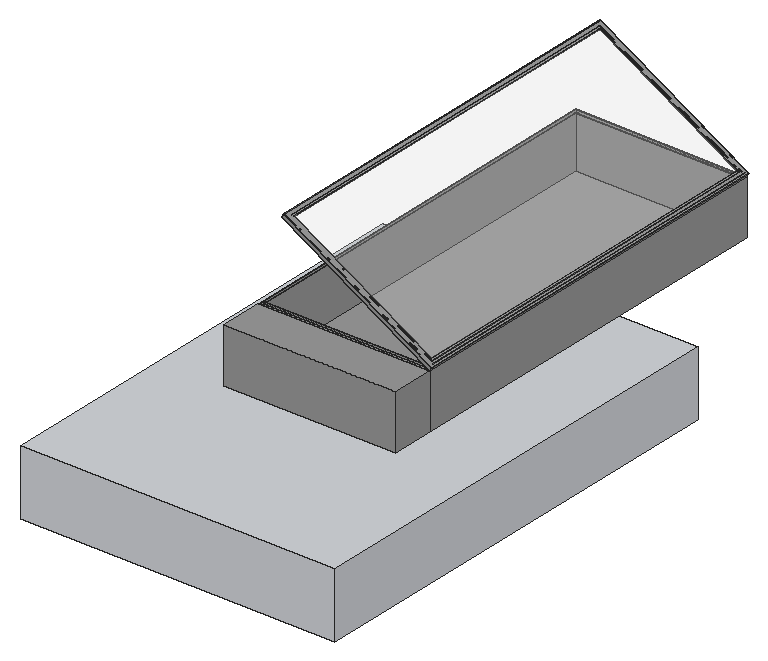
Revit family "Hager-Univers-IP55-D275-H2050-Cl.I-Steel_encl-AT-de", category Equipement électrique, Revit 2020
Family settings
  Hôte = Face
  Configuration du panneau = Deux colonnes, circuits au sein
  Cote de connecteur circulaire = Utiliser le diamètre
  Type d'élément = Tableau de raccordement
  Couper avec des vides une fois chargée = Non
  Partagée = Non
  Point de calcul de pièce = Non
Parameters (values of type "Bodenaufstellung IP55 B800 H2050 T275  - FR23K2")
  Width Control [instance] = if([EF000008 - Breite] > Min Width, [EF000008 - Breite], Min Width)  # 800 mm
  Commentaires du type = [HG000003 - Bereich]  # "Univers"
  Thickness Door [instance] = if([EF009171 - Materialstärke Tür/Deckel] > 3 mm, 3 mm, [EF009171 - Materialstärke Tür/Deckel])  # 1.5 mm
  Seal Frame Offset [instance] = 17 mm  # constant formula
  Plinth Visibility [instance] = [HG000027 - Sockelhöhe] > 0 mm  # yes
  Model = ""
  Min Width [instance] = 100 mm  # constant formula
  Min Height [instance] = 100 mm  # constant formula
  Min Depth [instance] = (2 * [EF009170 - Materialstärke Gehäuse]) + 1 mm  # 4 mm
  Internal Frame Depth [instance] = (Door System Depth * 0.5)  # 9 mm
  Height Control [instance] = if([EF000040 - Höhe] > Min Height, [EF000040 - Höhe], Min Height)  # 2050 mm
  HG000027 - Sockelhöhe = 200 mm
  HG000026 - Stehend auf dem Boden = yes
  HG000024 - Höhe des unteren Teils = 800 mm
  HG000023 - Gehäuse mit doppeltem Querschnitt = no
  HG000016 - 3D-Türsichtbarkeit [instance] = yes
  HG000015 - Sichtbarkeit der Türöffnung [instance] = no
  HG000014 - Tür rechts [instance] = yes
  HG000013 - Tür links [instance] = not([HG000014 - Tür rechts])  # no
  HG000012 - Türschwenkwinkel [instance] = 30.00°
  HG000010 - Asymmetrische Türen = no
  HG000009 - Doppelflügeligen Tür = no
  HG000006 - Unterputz = no
  HG000004 - Herstellerreferenz = "FR23K2"
  HG000003 - Bereich = "Univers"
  HG000002 - Mit tür = yes
  Frame Offset Bottom [instance] = 10 mm  # constant formula
  Frame Offset [instance] = 15 mm  # constant formula
  EF015940 - Deckel mit Überdruckentlastung = no
  EF011959 - Schutzart (NEMA) = ""
  EF009554 - Anzahl der Öffnungen für Flanschplatten = 6
  Fabricant = "Hager"  # constant formula
  EF009212 - Ausführung Deckel = "EV000116 - geschlossen"
  EF009171 - Materialstärke Tür/Deckel = 1.5 mm
  EF009170 - Materialstärke Gehäuse = 1.5 mm
  EF008873 - Nennstrom (In) = 800 A
  EF007800 - Geeignet für Blitzschutz = no
  EF006306 - Mit Schloss = no
  EF006244 - Transparenter Deckel/Tür = yes
  EF005474 - Schutzart (IP) = "EV006420 - IP55"
  EF004464 - Art der Tür = "EV002646 - Einzel"
  EF004427 - Anzahl der Module = 432
  EF004293 - Schlagfestigkeit = "EV008784 - IK10"
  EF003532 - Geeignet für Außengebrauch = no
  EF002950 - Breite in Teilungseinheiten = 24
  EF001613 - Funktionserhalt = "EV000494 - ohne"
  EF001596 - Werkstoff des Gehäuses = "EV000179 - Stahl"
  EF001131 - Innentiefe = 275 mm
  EF001088 - Anbaumöglichkeit = yes
  EF000437 - Anzahl der Leitungseinführungen = 6
  EF000339 - Art der Abdeckung = "EV004216 - Tür"
  EF000266 - Anzahl der Reihen = 12
  EF000218 - Einbautiefe = 0 mm
  EF000118 - Mit Montageplatte = no
  EF000116 - RAL-Nummer = "7035"
  EF000049 - Tiefe = 275 mm
  EF000040 - Höhe = 2050 mm
  EF000008 - Breite = 800 mm
  EF000007 - Farbe = "EV000270 - grau"
  EF000003 - Montageart = "EV012274 - Bodenaufstellung"
  Door System Leaf Tolerance [instance] = 1.5 mm  # constant formula
  Door System Depth [instance] = 18 mm  # constant formula
  Door Height [instance] = Height Control - [HG000027 - Sockelhöhe]  # 1850 mm
  Depth Control [instance] = if([EF000049 - Tiefe] > Min Depth, [EF000049 - Tiefe], Min Depth)  # 275 mm
  Default Elevation = 0 mm
  Connector Offset [instance] = Height Control / 2  # 1025 mm
  Bottom Top Plate Trim [instance] = 1.5 mm  # constant formula
  Plinth height Ctrl [instance] = if([HG000027 - Sockelhöhe] > 0 mm, [HG000027 - Sockelhöhe], 12 mm)  # 200 mm
Types (11, lengths in mm): name | Width Control | HG000010 - Asymmetrische Türen | HG000009 - Doppelflügeligen Tür | HG000004 - Herstellerreferenz | EF009554 - Anzahl der Öffnungen für Flanschplatten | EF006244 - Transparenter Deckel/Tür | EF004464 - Art der Tür | EF004427 - Anzahl der Module | EF000437 - Anzahl der Leitungseinführungen | EF000008 - Breite
  Bodenaufstellung IP55 B1050 H2050 T275  - FR24E2 | 1050 | yes | yes | "FR24E2" | 8 | no | "EV003602 - Doppel" | 576 | 8 | 1050
  Bodenaufstellung IP55 B1050 H2050 T275  - FR24K2 | 1050 | yes | yes | "FR24K2" | 8 | yes | "EV003602 - Doppel" | 576 | 8 | 1050
  Bodenaufstellung IP55 B1300 H2050 T275  - FR25E2 | 1300 | yes | yes | "FR25E2" | 10 | no | "EV003602 - Doppel" | 720 | 10 | 1300
  Bodenaufstellung IP55 B1300 H2050 T275  - FR25K2 | 1300 | yes | yes | "FR25K2" | 10 | yes | "EV003602 - Doppel" | 720 | 10 | 1300
  Bodenaufstellung IP55 B1550 H2050 T275  - FR26E2 | 1550 | yes | yes | "FR26E2" | 12 | no | "EV003602 - Doppel" | 864 | 12 | 1550
  Bodenaufstellung IP55 B1550 H2050 T275  - FR26K2 | 1550 | yes | yes | "FR26K2" | 12 | yes | "EV003602 - Doppel" | 864 | 12 | 1550
  Bodenaufstellung IP55 B300 H2050 T275  - FR21E2 | 300 | no | no | "FR21E2" | 2 | no | "EV002646 - Einzel" | 144 | 2 | 300
  Bodenaufstellung IP55 B550 H2050 T275  - FR22E2 | 550 | no | no | "FR22E2" | 4 | no | "EV002646 - Einzel" | 288 | 4 | 550
  Bodenaufstellung IP55 B550 H2050 T275  - FR22K2 | 550 | no | no | "FR22K2" | 4 | yes | "EV002646 - Einzel" | 288 | 4 | 550
  Bodenaufstellung IP55 B800 H2050 T275  - FR23E2 | 800 | no | no | "FR23E2" | 6 | no | "EV002646 - Einzel" | 432 | 6 | 800
  Bodenaufstellung IP55 B800 H2050 T275  - FR23K2 | 800 | no | no | "FR23K2" | 6 | yes | "EV002646 - Einzel" | 432 | 6 | 800
Reference planes
  plane 1 "Center (Front/Back)": y = 0
  plane 2: z = 0
  plane 3 "Center (Left/Right)": x = 0
  plane 4: z = 275
  plane 5: y = 201.5
  plane 6: y = 1125
  plane 7: y = 200
  plane 8: y = 2050
  plane 9: z = 0
  plane 10: x = -385
  plane 11: x = 385
  plane 12: x = 383.5
  plane 13: x = -383.5
  plane 14: y = 2048.5
  plane 15: x = -383
  plane 16: x = -400
  plane 17: x = 383
  plane 18: x = 400
  plane 19: x = 398.5
  plane 20: x = -398.5
  plane 21: y = 211.5
  plane 22: y = 2050
  plane 23: y = 2033.5
  plane 24: z = 257
  plane 25: z = 1.5
  plane 26: z = 255.5
  plane 27: z = 273.5
Forms (mm)
  Extrusion 1, solid
    sketch origin (0, 0, 0) x (1, 0, 0) y (0, 1, 0)
      loop
        line (-702.964, 1305) -> (-702.964, -811.445) -> (766.763, -811.445) -> (766.763, 1305) -> (-702.964, 1305)
    from 0 to -304.8
  Extrusion 2, solid, material "Hager_Steel_RAL7035_Light_Grey", visible <- "Plinth Visibility", detail levels medium+fine
    sketch origin (0, 0, 0) x (1, 0, 0) y (0, 1, 0)
      loop
        line (-400, 0) -> (400, 0) -> (400, 200) -> (-400, 200) -> (-400, 0)
    from 0 to 257
  Extrusion 3, solid, material "Hager_Steel_RAL7035_Light_Grey", detail levels medium+fine
    sketch origin (0, 0, 0) x (1, 0, 0) y (0, 1, 0)
      loop
        line (-400, 200) -> (400, 200) -> (400, 2050) -> (-400, 2050) -> (-400, 200)
    from 0 to 257
  Extrusion 4, void
    sketch origin (0, 0, 0) x (1, 0, 0) y (0, 1, 0)
      loop
        line (-398.5, 201.5) -> (398.5, 201.5) -> (398.5, 2048.5) -> (-398.5, 2048.5) -> (-398.5, 201.5)
    from 1.5 to 255.5
  Extrusion 5, void
    sketch origin (-381.607, -4572, 257) x (0, -1, 0) y (-1, 0, 0)
      loop
        line (-4783.5, 1.893) -> (-6605.5, 1.893) -> (-6605.5, -765.107) -> (-4783.5, -765.107) -> (-4783.5, 1.893)
    from 0 to 1.5 <- "EF009170 - Materialstärke Gehäuse"
  Extrusion 6, solid, material "Hager_Steel_RAL7035_Light_Grey", detail levels fine
    sketch origin (0, 0, 257) x (1, 0, 0) y (0, 1, 0)
      loop
        line (-383.5, 2033.5) -> (-383.5, 211.5) -> (383.5, 211.5) -> (383.5, 2033.5) -> (-383.5, 2033.5)
      loop
        line (-385, 210) -> (385, 210) -> (385, 2035) -> (-385, 2035) -> (-385, 210)
    from 0 to 9 <- "Internal Frame Depth"
  Extrusion 7, solid, material "Hager_Steel_RAL7035_Light_Grey", detail levels coarse
    sketch origin (0, 0, 0) x (1, 0, 0) y (0, 1, 0)
      loop
        line (-400, 0) -> (400, 0) -> (400, 2050) -> (-400, 2050) -> (-400, 0)
    from 0 to 275
  Sweep 8, void
    path in 3D
      loop
        line (-400, 200, 0) -> (400, 200, 0) -> (400, 200, 257) -> (-400, 200, 257) -> (-400, 200, 0)
    profile origin (-400, 200, 128.5) x (-1, 0, 0) y (0, -1, 0)
      loop
        line (0, 0) -> (0, 1.5) -> (-1.5, 1.5)
        arc (-1.5, 1.5) -> (-1.061, 0.439) -> (0, 0) r 1.5
Cuts and joins
  Extrusion 4, Extrusion 5 cuts Extrusion 3
  Sweep 8 cuts Extrusion 2
Lines and regions (mm)
  Masking region 1
    outline origin (0, 0, 0) x (1, 0, 0) y (0, 0, 1)
      loop
        line (-400, 275) -> (-400, 0) -> (400, 0) -> (400, 275) -> (-400, 275)
  Masking region 2, detail levels medium+fine
    outline origin (0, 140, 0) x (0, 1, 0) y (0, 0, 1)
      loop
        line (60, 0) -> (1910, 0) -> (1910, 257) -> (60, 257) -> (60, 0)
  Masking region 3, not visible, detail levels medium+fine
    outline origin (0, 297.922, 0) x (0, 1, 0) y (0, 0, 1)
      loop
        line (838.578, 0) -> (878.578, 0) -> (878.578, 263.5)
        arc (878.578, 263.5) -> (875.649, 270.571) -> (868.578, 273.5) r 10
        line (868.578, 273.5) -> (838.578, 273.5) -> (838.578, 0)
  Masking region 4, detail levels coarse
    outline origin (0, 0, 180) x (0, 1, 0) y (0, 0, 1)
      loop
        line (0, -180) -> (2050, -180) -> (2050, 95) -> (0, 95) -> (0, -180)
  Masking region 5, visible <- "Plinth Visibility", detail levels medium+fine
    outline origin (0, 52.24, 12.345) x (0, 0, -1) y (0, 1, 0)
      loop
        line (10.845, 147.76) -> (-243.155, 147.76)
        arc (-243.155, 147.76) -> (-243.594, 146.699) -> (-244.655, 146.26) r 1.5
        line (-244.655, 146.26) -> (-244.655, -52.24) -> (12.345, -52.24) -> (12.345, 146.26)
        arc (12.345, 146.26) -> (11.285, 146.699) -> (10.845, 147.76) r 1.5
  Masking region 6, detail levels medium+fine
    outline origin (-381.607, -4572, 257) x (-1, 0, 0) y (0, -1, 0)
      loop
        line (18.393, -6622) -> (18.393, -4772) -> (-781.607, -4772) -> (-781.607, -6622) -> (18.393, -6622)
  Masking region 7, visible <- "Plinth Visibility", detail levels medium+fine
    outline origin (-381.607, -4727, 257) x (-1, 0, 0) y (0, -1, 0)
      loop
        arc (16.893, -4927) -> (17.332, -4925.939) -> (18.393, -4925.5) r 1.5
        line (18.393, -4925.5) -> (18.393, -4727) -> (-781.607, -4727) -> (-781.607, -4925.5)
        arc (-781.607, -4925.5) -> (-780.546, -4925.939) -> (-780.107, -4927) r 1.5
        line (-780.107, -4927) -> (16.893, -4927)
  Masking region 8, detail levels coarse
    outline origin (-442.548, -4669.526, 257) x (-1, 0, 0) y (0, -1, 0)
      loop
        line (-42.548, -6719.526) -> (-42.548, -4669.526) -> (-842.548, -4669.526) -> (-842.548, -6719.526) -> (-42.548, -6719.526)
  sketch lines
    curve 1: line (-400, 200, 257) -> (-400, 200, 0)
    curve 2: line (400, 200, 257) -> (-400, 200, 257)
    curve 3: line (400, 200, 257) -> (400, 200, 0)
    curve 4: line (-400, 200, 0) -> (400, 200, 0)
Dimensions and locks
  "Depth Control": plane 4 to Extrusion 1
  "HG000027 - Sockelhöhe": plane 1 "Center (Front/Back)" to plane 7
  "EF009170 - Materialstärke Gehäuse": plane 5 to plane 7
  locked: connector elem to plane 3 "Center (Left/Right)"
  equal spacing: plane 8, plane 6, plane 7
  locked: connector elem to plane 6
  "EF009170 - Materialstärke Gehäuse": plane 8 to plane 14
  "EF009170 - Materialstärke Gehäuse": plane 10 to plane 13
  "EF009170 - Materialstärke Gehäuse": plane 12 to plane 11
  "Frame Offset": plane 20 to plane 13
  "Frame Offset": plane 12 to plane 19
  "EF009170 - Materialstärke Gehäuse": plane 16 to plane 20
  "EF009170 - Materialstärke Gehäuse": plane 19 to plane 18
  "Seal Frame Offset": plane 16 to plane 15
  "Seal Frame Offset": plane 17 to plane 18
  "Frame Offset Bottom": plane 21 to plane 5
  "Frame Offset": plane 14 to plane 23
  equal spacing: plane 16, plane 3 "Center (Left/Right)", plane 18
  "Width Control": plane 16 to plane 18
  "EF009170 - Materialstärke Gehäuse": plane 4 to plane 27
  "EF009170 - Materialstärke Gehäuse": plane 24 to plane 26
  "EF009170 - Materialstärke Gehäuse": plane 25 to level
  "Door System Depth": plane 4 to plane 24
  "Height Control": plane 1 "Center (Front/Back)" to Extrusion 7 sketch curve
  "Height Control": Masking region 4 sketch curve to plane 1 "Center (Front/Back)"
  "Height Control": plane 1 "Center (Front/Back)" to plane 22
  "Bottom Top Plate Trim": profile plane to Sweep 8 sketch curve
  "Bottom Top Plate Trim": Sweep 8 sketch curve to profile plane
  "Plinth height Ctrl": plane 1 "Center (Front/Back)" to Extrusion 2 sketch curve
  "Plinth height Ctrl": Masking region 5 sketch curve to plane 1 "Center (Front/Back)"
  "Plinth height Ctrl": plane 1 "Center (Front/Back)" to Masking region 7 sketch curve
  "Thickness Door": Extrusion 6 sketch curve to Extrusion 6 sketch curve  (x3)
  "Thickness Door": cut or joined group of Extrusion 3, Extrusion 4, Extrusion 5 to Extrusion 6 sketch curve
  radius of Masking region 3 sketch curve = 10 mm
  "Bottom Top Plate Trim": radius of Masking region 5 sketch curve  (x2)
  "Bottom Top Plate Trim": radius of Sweep 8 sketch curve
  "Bottom Top Plate Trim": radius of Masking region 7 sketch curve  (x2)
  aligned and locked: plane 2 to Extrusion 1
  aligned and locked: level to Extrusion 1
  aligned and locked: level to Masking region 1 sketch curve
  aligned and locked: Masking region 1 sketch curve to plane 18
  aligned and locked: Masking region 1 sketch curve to plane 16
  aligned and locked: plane 7 to Masking region 2 sketch curve
  aligned and locked: level to Masking region 3 sketch curve
  aligned and locked: Masking region 3 sketch curve to plane 27
  aligned and locked: level to Masking region 2 sketch curve
  aligned and locked: plane 1 "Center (Front/Back)" to Extrusion 2 sketch curve
  aligned and locked: Extrusion 3 sketch curve to plane 7
  aligned and locked: plane 16 to Extrusion 3 sketch curve
  aligned and locked: plane 18 to Extrusion 3 sketch curve
  aligned and locked: plane 20 to Extrusion 4 sketch curve
  aligned and locked: plane 19 to Extrusion 4 sketch curve
  aligned and locked: Extrusion 4 sketch curve to plane 5
  aligned and locked: Extrusion 4 to plane 25
  aligned and locked: plane 26 to Extrusion 4
  aligned and locked: plane 24 to Extrusion 3
  aligned and locked: Extrusion 5 sketch curve to plane 21
  aligned and locked: Extrusion 5 sketch curve to plane 13
  aligned and locked: Extrusion 5 sketch curve to plane 12
  aligned and locked: plane 18 to Extrusion 7 sketch curve
  aligned and locked: plane 1 "Center (Front/Back)" to Extrusion 7 sketch curve
  aligned and locked: plane 16 to Extrusion 7 sketch curve
  aligned and locked: plane 4 to Extrusion 7
  aligned and locked: Extrusion 7 to level
  aligned and locked: level to Masking region 4 sketch curve
  aligned and locked: Masking region 4 sketch curve to plane 1 "Center (Front/Back)"
  aligned and locked: Masking region 4 sketch curve to plane 4
  aligned and locked: nested 1 to level
  aligned and locked: nested 1 to plane 16
  aligned and locked: plane 8 to Extrusion 3 sketch curve
  aligned and locked: plane 23 to Extrusion 5 sketch curve
  aligned and locked: plane 14 to Extrusion 4 sketch curve
  aligned and locked: Masking region 2 sketch curve to plane 8
  aligned and locked: level to Masking region 5 sketch curve
  aligned and locked: plane 16 to Extrusion 2 sketch curve
  aligned and locked: plane 18 to Extrusion 2 sketch curve
  aligned and locked: Masking region 5 sketch curve to plane 24
  aligned and locked: Masking region 2 sketch curve to plane 24
  aligned and locked: plane 24 to Extrusion 2
  aligned and locked: profile plane to Sweep 8 sketch curve  (x2)
  aligned and locked: Masking region 6 sketch curve to plane 18
  aligned and locked: Masking region 6 sketch curve to plane 22
  aligned and locked: Masking region 6 sketch curve to plane 16
  aligned and locked: plane 8 to plane 22
  aligned and locked: Masking region 6 sketch curve to plane 7
  aligned and locked: Masking region 7 sketch curve to plane 16
  aligned and locked: Masking region 7 sketch curve to plane 1 "Center (Front/Back)"
  aligned and locked: Masking region 7 sketch curve to plane 18
  aligned and locked: Masking region 8 sketch curve to plane 1 "Center (Front/Back)"
  aligned and locked: Masking region 8 sketch curve to plane 18
  aligned and locked: Masking region 8 sketch curve to plane 22
  aligned and locked: Masking region 8 sketch curve to plane 16
  aligned and locked: nested 2 to plane 7
  aligned and locked: plane 3 "Center (Left/Right)" to nested 2
  aligned and locked: nested 2 to plane 24
  aligned and locked: Extrusion 6 sketch curve to cut or joined group of Extrusion 3, Extrusion 4, Extrusion 5  (x4)
Automatic sketch dimensions
  Extrusion 1 sketch curve to Extrusion 1 sketch curve = 1469.727 mm
  Extrusion 1 sketch curve to Extrusion 1 sketch curve = 2116.445 mm
  Masking region 1 sketch curve to plane 4 = 0 mm
  plane 6 to Masking region 3 sketch curve = 11.5 mm
  Masking region 3 sketch curve to Masking region 3 sketch curve = 30 mm
  Masking region 5 sketch curve to plane 1 "Center (Front/Back)" = 0 mm
Nested families
  nested 1: "Hager_Enclosure_Symbol" at (-400, 0, 0) x (1, 0, 0) z (0, -1, 0), Height <- "Depth Control", Width <- "Width Control", type "Hager_Enclosure_Symbol"
    with Width_Ctrl 800 mm, Width 800 mm, Height_Ctrl 275 mm, Height 275 mm, A_Width_Int 18.047 mm, A_Width 216.562 mm, A_Height_Ctrl 240.625 mm, A_Height 240.625 mm
  nested 2: "EC000058_Univers_Door" at (0, 200, 257) x (1, 0, 0) z (0, 1, 0), Leaf_Tolerance <- "Door System Leaf Tolerance", Angle <- "HG000012 - Türschwenkwinkel", Door_Depth <- "Door System Depth", Door_Left <- "HG000013 - Tür links", Transparent <- "EF006244 - Transparenter Deckel/Tür", Assymetrical <- "HG000010 - Asymmetrische Türen", Width <- "Width Control", Clearance <- "HG000015 - Sichtbarkeit der Türöffnung", Double <- "HG000009 - Doppelflügeligen Tür", 3d_Door <- "HG000016 - 3D-Türsichtbarkeit", Lock_Visibility <- "EF006306 - Mit Schloss", Width_Ctrl <- "Width Control", Door_Right <- "HG000014 - Tür rechts", Door <- "HG000002 - Mit tür", Height <- "Door Height", Thickness <- "Thickness Door", type "EC000058_Univers_Door", detail levels medium+fine
    with min_wh 4 mm, Width_Ctrl 800 mm, Width 800 mm, Transparent yes, Thickness 1.5 mm, Seal_Material Hager_Rubber, Lock_Visibility no, Lock_Material Hager_Plastic_RAL9005_Jet_Black, Leaf_Width 800 mm, Leaf_Tolerance_External_Sides 0 mm, Leaf_Tolerance 1.5 mm, Leaf_Offset 0 mm, Leaf_Height 1847 mm, Leaf_2_Width 800 mm, Leaf_2_Offset 400 mm, Leaf_1_Width 800 mm, Leaf_1_Offset 400 mm, Height_Ctrl 1850 mm, Height 1850 mm, Glass_Material Hager_Glass, Double_Clearance_Ctrl no, Double no, Door_Right_Ctrl yes, Door_Right yes, Door_Material Hager_Steel_RAL7035_Light_Grey, Door_Left_Ctrl no, Door_Left no, Door_Depth 18 mm, Door yes, Clearance_Material Hager_Clearance, Clearance_Depth 800 mm, Clearance_Ctrl no, Clearance no, Assymetrical no, Angle 30.00°, 3d_Door yes
Connectors
  electrical at (0, 1125, 0)
    settings: on plane 9, index 1, voltage 0 V, apparent load 0 VA, apparent load phase1 0 VA, apparent load phase2 0 VA, apparent load phase3 0 VA, power factor 1, load classification "Other", number of poles 1, system type 30, power factor state 1, is connector primary yes, connector utility no, sub classification motor no, connector description ""
Definition of nested family "EC000058_Univers_Door"
  Parameters (values of type "EC000058_Univers_Door")
    min_wh [instance] = (2 * Thickness) + 1 mm  # 11 mm
    Width_Ctrl [instance] = 400 mm
    Width [instance] = 500 mm
    Transparent [instance] = yes
    Thickness [instance] = 5 mm
    Seal_Material [instance] = none
    Lock_Visibility [instance] = yes
    Lock_Material [instance] = none
    Leaf_Width [instance] = if((Width_Ctrl - 2 * Leaf_Tolerance_External_Sides) > 0 mm, (Width_Ctrl - 2 * Leaf_Tolerance_External_Sides), min_wh)  # 400 mm
    Leaf_Tolerance_External_Sides [instance] = 0 mm  # constant formula
    Leaf_Tolerance [instance] = 1.5 mm
    Leaf_Offset [instance] = 0 mm  # constant formula
    Leaf_Height [instance] = if((Height_Ctrl - 2 * Leaf_Tolerance) > 0 mm, (Height_Ctrl - 2 * Leaf_Tolerance), min_wh)  # 497 mm
    Leaf_2_Width [instance] = if(and(and(Double, Assymetrical), Door_Left), (Leaf_Width / 3) - (Leaf_Tolerance / 2), if(and(and(Double, Assymetrical), Door_Right), (Leaf_Width / 3) * 2 - (Leaf_Tolerance / 2), if(and(Double, not(Assymetrical)), (Leaf_Width / 2) - Leaf_Tolerance, Leaf_Width)))  # 400 mm
    Leaf_2_Offset [instance] = if(and(Double, Assymetrical), Leaf_2_Width / 2, if(and(Double, not(Assymetrical)), Leaf_Width / 4, Leaf_Width / 2))  # 200 mm
    Leaf_1_Width [instance] = if(and(and(Double, Assymetrical), Door_Right), (Leaf_Width / 3) - (Leaf_Tolerance / 2), if(and(and(Double, Assymetrical), Door_Left), (Width / 3) * 2 - (Leaf_Tolerance / 2), if(and(Double, not(Assymetrical)), (Leaf_Width / 2) - Leaf_Tolerance, Leaf_Width)))  # 400 mm
    Leaf_1_Offset [instance] = if(and(Double, Assymetrical), Leaf_1_Width / 2, if(and(Double, not(Assymetrical)), Leaf_Width / 4, Leaf_Width / 2))  # 200 mm
    Height_Ctrl [instance] = if(Height > min_wh, Height, min_wh)  # 500 mm
    Height [instance] = 500 mm
    Glass_Material [instance] = none
    Double_Clearance_Ctrl [instance] = and(Double, Clearance)  # no
    Double [instance] = no
    Door_Right_Ctrl [instance] = and(or(Door_Right, Double), Door)  # yes
    Door_Right [instance] = yes
    Door_Material [instance] = none
    Door_Left_Ctrl [instance] = and(or(Door_Left, Double), Door)  # no
    Door_Left [instance] = no
    Door_Depth [instance] = 30 mm
    Door [instance] = yes
    Default Elevation = 1219.2 mm
    Clearance_Material [instance] = none
    Clearance_Depth [instance] = if(Leaf_1_Width > Leaf_2_Width, Leaf_1_Width, Leaf_2_Width)  # 400 mm
    Clearance_Ctrl [instance] = and(not(Double), Clearance)  # yes
    Clearance [instance] = yes
    Assymetrical [instance] = yes
    Angle [instance] = 30.00°
    3d_Door [instance] = yes
  Reference planes
    plane 1 "Center (Front/Back)": y = 0
    plane 2 "Bottom": z = 0
    plane 3 "Center (Left/Right)": x = 0
    plane 4: z = 500
    plane 5: x = -200
    plane 6: x = 200
    plane 7: z = 500
    plane 8: x = -200
    plane 9: z = 0
    plane 10: x = 200
    plane 11: y = 0
    plane 12: z = 1.5
    plane 13: x = -600
    plane 14: y = -400
    plane 15: x = 600
    plane 16: x = 0
    plane 17: x = 0
    plane 18: x = -200
    plane 19: x = 200
    plane 20: z = 498.5
  Forms (mm)
    Extrusion 1, solid, material <- "Clearance_Material", visible <- "Double_Clearance_Ctrl"
      sketch origin (1200, 0, 0) x (1, 0, 0) y (0, 0, -1)
        loop
          line (-1800, -498.5) -> (-600, -498.5) -> (-600, 0) -> (-1800, 0) -> (-1800, -498.5)
      from 0 to -400
  Dimensions and locks
    equal spacing: plane 5, plane 3 "Center (Left/Right)", plane 6
    "Width_Ctrl": plane 5 to plane 6
    "Leaf_Offset": plane 5 to plane 8
    "Leaf_Offset": plane 6 to plane 10
    "Leaf_Offset": plane 9 to level
    "Leaf_Offset": plane 4 to plane 7
    "Height_Ctrl": plane 4 to level
    "Leaf_Tolerance": plane 12 to plane 9
    locked: plane 11 to plane 1 "Center (Front/Back)"
    "Leaf_1_Offset": plane 18 to plane 16
    "Leaf_2_Offset": plane 17 to plane 19
    "Leaf_1_Width": plane 13 to plane 8
    "Leaf_2_Width": plane 10 to plane 15
    "Clearance_Depth": plane 14 to plane 1 "Center (Front/Back)"
    "Leaf_Tolerance_External_Sides": plane 8 to plane 18
    "Leaf_Tolerance_External_Sides": plane 19 to plane 10
    "Leaf_Tolerance": plane 7 to plane 20
    aligned and locked: level to plane 2 "Bottom"
    aligned and locked: nested 1 to plane 16
    aligned and locked: nested 2 to plane 17
    aligned and locked: Extrusion 1 to plane 13
    aligned and locked: plane 15 to Extrusion 1
    aligned and locked: Extrusion 1 to plane 14
    aligned and locked: plane 12 to nested 1
    aligned and locked: nested 2 to plane 12
    aligned and locked: Extrusion 1 to plane 11
    aligned and locked: plane 20 to Extrusion 1
    aligned and locked: nested 2 to plane 11
    aligned and locked: nested 1 to plane 11
  Automatic sketch dimensions
    Extrusion 1 sketch curve to level = 0 mm
    plane 5 to Extrusion 1 sketch curve = 400 mm
    plane 6 to Extrusion 1 sketch curve = 400 mm
    Extrusion 1 sketch curve to plane 4 = 1.5 mm
  Nested families
    nested 1: "EC000058_Univers_Door_Leaf" at (0, 0, 1.5), Width <- "Leaf_1_Width", visible <- "Door_Left_Ctrl", Leaf_Height <- "Leaf_Height", Angle <- "Angle", 3d_Door <- "3d_Door", Transparent <- "Transparent", Clearance Material <- "Clearance_Material", Clearance <- "Clearance_Ctrl", Door_Material <- "Door_Material", Glass_Material <- "Glass_Material", Door_Depth <- "Door_Depth", Lock_Material <- "Lock_Material", Seal_Material <- "Seal_Material", Lock_Visibility <- "Lock_Visibility", Thickness <- "Thickness", type "EC000058_Univers_Door_Leaf"
      with Width 400 mm, Transparent_Glass_Offset 30 mm, Transparent_Ctrl yes, Transparent yes, Thickness 5 mm, Standard no, Seal_Material none, Seal_D2 8 mm, Seal_D1 1 mm, Offset_Internal_Frame 10 mm, Lock_Width 20 mm, Lock_Visibility_3d yes, Lock_Visibility yes, Lock_Thickness_3 3 mm, Lock_Thickness_2 1 mm, Lock_Thickness_1 3 mm, Lock_Radius_Offset_2 16 mm, Lock_Radius_Offset_1 15 mm, Lock_Radius_2 5 mm, Lock_Radius 6 mm, Lock_Offset 5 mm, Lock_Material none, Lock_Height 80 mm, Lock_Cover_Top_Offset_2d 17 mm, Lock_Cover_Height -65 mm, Leaf_Height 497 mm, Internal_Seal_Thickness 8 mm, Internal_Seal_Depth_2 4.5 mm, Internal_Frame_Depth 25 mm, Glass_Thickness -1 mm, Glass_Offset -2 mm, Glass_Material none, Door_Material none, Door_Depth 30 mm, Clearance Material none, Clearance yes, Angle_Ctrl 30.00°, Angle 30.00°, 3d_Door yes
    nested 2: "EC000058_Univers_Door_Leaf" at (0, 0, 1.5) x (-1, 0, 0) z (0, 0, 1), Width <- "Leaf_2_Width", visible <- "Door_Right_Ctrl", Leaf_Height <- "Leaf_Height", Angle <- "Angle", 3d_Door <- "3d_Door", Transparent <- "Transparent", Clearance Material <- "Clearance_Material", Clearance <- "Clearance_Ctrl", Door_Material <- "Door_Material", Glass_Material <- "Glass_Material", Door_Depth <- "Door_Depth", Lock_Material <- "Lock_Material", Seal_Material <- "Seal_Material", Lock_Visibility <- "Lock_Visibility", Thickness <- "Thickness", type "EC000058_Univers_Door_Leaf"
      with Width 400 mm, Transparent_Glass_Offset 30 mm, Transparent_Ctrl yes, Transparent yes, Thickness 5 mm, Standard no, Seal_Material none, Seal_D2 8 mm, Seal_D1 1 mm, Offset_Internal_Frame 10 mm, Lock_Width 20 mm, Lock_Visibility_3d yes, Lock_Visibility yes, Lock_Thickness_3 3 mm, Lock_Thickness_2 1 mm, Lock_Thickness_1 3 mm, Lock_Radius_Offset_2 16 mm, Lock_Radius_Offset_1 15 mm, Lock_Radius_2 5 mm, Lock_Radius 6 mm, Lock_Offset 5 mm, Lock_Material none, Lock_Height 80 mm, Lock_Cover_Top_Offset_2d 17 mm, Lock_Cover_Height -65 mm, Leaf_Height 497 mm, Internal_Seal_Thickness 8 mm, Internal_Seal_Depth_2 4.5 mm, Internal_Frame_Depth 25 mm, Glass_Thickness -1 mm, Glass_Offset -2 mm, Glass_Material none, Door_Material none, Door_Depth 30 mm, Clearance Material none, Clearance yes, Angle_Ctrl 30.00°, Angle 30.00°, 3d_Door yes
  Definition of nested family "EC000058_Univers_Door_Leaf"
    Parameters (values of type "EC000058_Univers_Door_Leaf")
      Width [instance] = 2000 mm
      Transparent_Glass_Offset [instance] = 30 mm
      Transparent_Ctrl [instance] = and(Transparent, [3d_Door])  # yes
      Transparent [instance] = yes
      Thickness [instance] = 5 mm
      Standard [instance] = and(not(Transparent), [3d_Door])  # no
      Seal_Material [instance] = none
      Seal_D2 [instance] = 8 mm  # constant formula
      Seal_D1 [instance] = 1 mm  # constant formula
      Offset_Internal_Frame [instance] = 10 mm  # constant formula
      Lock_Width [instance] = 20 mm  # constant formula
      Lock_Visibility_3d [instance] = and(Lock_Visibility, [3d_Door])  # yes
      Lock_Visibility [instance] = yes
      Lock_Thickness_3 [instance] = 3 mm  # constant formula
      Lock_Thickness_2 [instance] = 1 mm  # constant formula
      Lock_Thickness_1 [instance] = 3 mm  # constant formula
      Lock_Radius_Offset_2 [instance] = Lock_Radius_Offset_1 + 1 mm  # 16 mm
      Lock_Radius_Offset_1 [instance] = 15 mm  # constant formula
      Lock_Radius_2 [instance] = Lock_Radius - 1 mm  # 5 mm
      Lock_Radius [instance] = 6 mm  # constant formula
      Lock_Offset [instance] = 5 mm  # constant formula
      Lock_Material [instance] = none
      Lock_Height [instance] = 80 mm  # constant formula
      Lock_Cover_Top_Offset_2d [instance] = Lock_Radius_Offset_2 + 1 mm  # 17 mm
      Lock_Cover_Height [instance] = -(Lock_Height - Lock_Radius_Offset_1)  # -65 mm
      Leaf_Height [instance] = 2720.336 mm
      Internal_Seal_Thickness [instance] = 8 mm  # constant formula
      Internal_Seal_Depth_2 [instance] = 4.5 mm  # constant formula
      Internal_Frame_Depth [instance] = if(Door_Depth - Thickness > 5 mm, Door_Depth - Thickness, 5 mm)  # 25 mm
      Glass_Thickness [instance] = if(Thickness > 15 mm, Glass_Offset + 10 mm, -1 mm)  # -1 mm
      Glass_Offset [instance] = if(Thickness > 15 mm, -(Thickness + 10 mm) / 2, -2 mm)  # -2 mm
      Glass_Material [instance] = none
      Door_Material [instance] = none
      Door_Depth [instance] = 30 mm
      Default Elevation = 0 mm
      Clearance Material [instance] = none
      Clearance [instance] = yes
      Angle_Ctrl [instance] = if(Angle > 180.00°, 180.00°, Angle)  # 90.00°
      Angle [instance] = 90.00°
      3d_Door [instance] = yes
    Reference planes
      plane 1 "Center (Front/Back)": y = 0
      plane 2: z = 0
      plane 3 "Center (Left/Right)": x = 0
      plane 4: y = 2000
      plane 5: x = -1000
      plane 6: x = 1000
      plane 7: x = -3000
      plane 8: z = 2720.336
      plane 9: z = 30
      plane 10: z = 2690.336
      plane 11: x = 970
      plane 12: x = -970
      plane 13: y = -3
      plane 14: z = 107.833
      plane 15: y = -5
      plane 16: y = -223.314
      plane 17: x = -1000
      plane 18: z = 1360.168
      plane 19: y = 30
    Forms (mm)
      Extrusion 1, solid, material <- "Clearance Material", visible <- "Clearance"
        sketch origin (0, 0, 0) x (1, 0, 0) y (0, 0, 1)
          loop
            line (-3000, 2720.336) -> (-3000, 0) -> (1000, 0) -> (1000, 2720.336) -> (-3000, 2720.336)
        from 0 to -2000
      Extrusion 2, solid, material <- "Door_Material", visible <- "Standard", detail levels medium+fine
        sketch origin (-1000, 0, 0) x (0, 1, 0) y (-1, 0, 0)
          loop
            line (0, 30) -> (0, 25) -> (2000, 25) -> (2000, 30) -> (0, 30)
        from 0 to 2720.336 <- "Leaf_Height"
      Extrusion 3, solid, material <- "Door_Material", visible <- "Transparent_Ctrl", detail levels medium+fine
        sketch origin (-1000, 0, 0) x (0, 1, 0) y (-1, 0, 0)
          loop
            line (0, 25) -> (2000, 25) -> (2000, 30) -> (0, 30) -> (0, 25)
        from 0 to 2720.336 <- "Leaf_Height"
      Extrusion 4, void
        sketch origin (-1025, 2000, 0) x (0, 1, 0) y (0, 0, -1)
          loop
            line (-30, -2690.336) -> (-30, -30) -> (-1970, -30) -> (-1970, -2690.336) -> (-30, -2690.336)
        from 0 to 5 <- "Thickness"
      Sweep 5, solid, material <- "Seal_Material", visible <- "Transparent_Ctrl", detail levels fine
        path in 3D
          loop
            line (-1025, 30, 30) -> (-1025, 30, 2690.336) -> (-1025, 1970, 2690.336) -> (-1025, 1970, 30) -> (-1025, 30, 30)
        profile origin (-1025, 1000, 30) x (1, 0, 0) y (0, 0, 1)
          loop
            line (0, 0) -> (0, -8) -> (1, -8) -> (1, 0) -> (0, 0)
      Extrusion 6, solid, material <- "Glass_Material", visible <- "Transparent_Ctrl", detail levels medium+fine
        sketch origin (-1030, 0, 0) x (0, 1, 0) y (0, 0, -1)
          loop
            line (1970, -2690.336) -> (1970, -30) -> (30, -30) -> (30, -2690.336) -> (1970, -2690.336)
        from -2 <- "Glass_Offset" to -1 <- "Glass_Thickness"
      Extrusion 7, solid, material <- "Door_Material", visible <- "3d_Door", detail levels medium+fine
        sketch origin (-1025, 2000, 0) x (0, -1, 0) y (0, 0, -1)
          loop
            line (0, -2720.336) -> (2000, -2720.336) -> (2000, 0) -> (0, 0) -> (0, -2720.336)
          loop
            line (1995, -5) -> (5, -5) -> (5, -2715.336) -> (1995, -2715.336) -> (1995, -5)
        from 0 to 25 <- "Internal_Frame_Depth"
      Sweep 8, solid, material <- "Seal_Material", visible <- "Transparent_Ctrl", detail levels fine
        path in 3D
          loop
            line (-1025, 0, 0) -> (-1025, 2000, 0) -> (-1025, 2000, 2720.336) -> (-1025, 0, 2720.336) -> (-1025, 0, 0)
        profile origin (-1025, 0, 1360.168) x (1, 0, 0) y (0, 1, 0)
          loop
            line (0, 10) -> (2.975, 10)
            arc (2.975, 10) -> (4.053, 10.447) -> (4.5, 11.525) r 1.525
            line (4.5, 11.525) -> (4.5, 16.527)
            arc (4.5, 16.527) -> (4.069, 17.569) -> (3.027, 18) r 1.473
            line (3.027, 18) -> (0, 18) -> (0, 10)
      Extrusion 9, solid, material <- "Lock_Material", visible <- "Lock_Visibility_3d", detail levels fine
        sketch origin (-1030, 0, 0) x (0, 1, 0) y (0, 0, -1)
          loop
            arc (1993.5, -1400.168) -> (1994.561, -1399.729) -> (1995, -1398.668) r 1.5
            line (1995, -1398.668) -> (1995, -1320.168) -> (1975, -1320.168) -> (1975, -1398.668)
            arc (1975, -1398.668) -> (1975.439, -1399.729) -> (1976.5, -1400.168) r 1.5
            line (1976.5, -1400.168) -> (1993.5, -1400.168)
        from 3 <- "Lock_Thickness_1" to 0
      Blend 10, solid, material <- "Lock_Material", visible <- "Lock_Visibility_3d", detail levels fine
        base sketch origin (-1033, 0, 0) x (0, 1, 0) y (0, 0, -1)
          loop
            line (1975, -1320.168) -> (1975, -1398.668)
            arc (1975, -1398.668) -> (1975.439, -1399.729) -> (1976.5, -1400.168) r 1.5
            line (1976.5, -1400.168) -> (1993.5, -1400.168)
            arc (1993.5, -1400.168) -> (1994.561, -1399.729) -> (1995, -1398.668) r 1.5
            line (1995, -1398.668) -> (1995, -1320.168) -> (1975, -1320.168)
        top sketch origin (-1033, 0, 0) x (0, 1, 0) y (0, 0, -1)
          loop
            line (1976, -1320.168) -> (1976, -1398.668)
            arc (1976, -1398.668) -> (1976.146, -1399.022) -> (1976.5, -1399.168) r 0.5
            line (1976.5, -1399.168) -> (1993.5, -1399.168)
            arc (1993.5, -1399.168) -> (1993.854, -1399.022) -> (1994, -1398.668) r 0.5
            line (1994, -1398.668) -> (1994, -1320.168) -> (1976, -1320.168)
        from 0 to 1 <- "Lock_Thickness_2"
      Blend 11, solid, material <- "Lock_Material", visible <- "Lock_Visibility_3d", detail levels fine
        base sketch origin (-1034, 0, 0) x (0, 1, 0) y (0, 0, -1)
          loop
            line (1978, -1320.168) -> (1978, -1384.168)
            arc (1978, -1384.168) -> (1985, -1391.168) -> (1992, -1384.168) r 7
            line (1992, -1384.168) -> (1992, -1320.168) -> (1978, -1320.168)
        top sketch origin (-1034, 0, 0) x (0, 1, 0) y (0, 0, -1)
          loop
            line (1991, -1320.168) -> (1979, -1320.168) -> (1979, -1383.168)
            arc (1979, -1383.168) -> (1985, -1389.168) -> (1991, -1383.168) r 6
            line (1991, -1383.168) -> (1991, -1320.168)
        from 0 to 3 <- "Lock_Thickness_3"
      Extrusion 12, solid, material <- "Lock_Material", visible <- "Lock_Visibility_3d", detail levels fine
        sketch origin (-1030, 1975, 1320.168) x (1, 0, 0) y (0, -1, 0)
          loop
            line (-7, -19) -> (-7, -1) -> (0, -1) -> (0, 0) -> (-8, 0) -> (-8, -20) -> (0, -20) -> (0, -19) -> (-7, -19)
        from 0 to -65 <- "Lock_Cover_Height"
      Extrusion 13, void
        sketch origin (-1038, 1995, 1320.168) x (-1, 0, 0) y (0, 0, -1)
          loop
            line (-5, -65) -> (0, -65) -> (-5, -60) -> (-5, -65)
        from 0 to 20 <- "Lock_Width"
      Extrusion 14, void
        sketch origin (-1038, 1975, 1320.168) x (0, -1, 0) y (0, 0, -1)
          loop
            circle (-10, -15.995) r 6
          loop
            circle (-10, -15.995) r 5
        from 0 to 2
      Extrusion 15, solid, material <- "Lock_Material", visible <- "Lock_Visibility_3d", detail levels medium
        sketch origin (-1030, 0, 0) x (0, 1, 0) y (0, 0, -1)
          loop
            arc (1993.5, -1400.168) -> (1994.561, -1399.729) -> (1995, -1398.668) r 1.5
            line (1995, -1398.668) -> (1995, -1320.168) -> (1975, -1320.168) -> (1975, -1398.668)
            arc (1975, -1398.668) -> (1975.439, -1399.729) -> (1976.5, -1400.168) r 1.5
            line (1976.5, -1400.168) -> (1993.5, -1400.168)
        from 8 to 0
    Cuts and joins
      Extrusion 4 cuts Extrusion 3
      Extrusion 13, Extrusion 14 cuts Extrusion 9
      Extrusion 14 cuts Blend 11
      Extrusion 13, Extrusion 14 cuts Extrusion 12
      joined: Extrusion 9, Blend 10, Blend 11, Extrusion 12
      Extrusion 14 cuts Extrusion 15
    Lines and regions (mm)
      Masking region 1, visible <- "Lock_Visibility", detail levels fine
        outline origin (0, 0, 0) x (0, 1, 0) y (0, 0, 1)
          loop
            line (30, 1320.168) -> (33, 1320.168) -> (33, 1400.168) -> (30, 1400.168) -> (30, 1320.168)
      Masking region 2, visible <- "Lock_Visibility", detail levels fine
        outline origin (0, 3.143, 0) x (0, 1, 0) y (0, 0, 1)
          loop
            line (29.857, 1354.168) -> (30.857, 1354.168) -> (30.857, 1366.168) -> (29.857, 1366.168) -> (29.857, 1354.168)
      Masking region 3, detail levels medium+fine
        outline origin (0, 0, 0) x (0, 1, 0) y (0, 0, 1)
          loop
            line (0, 0) -> (30, 0) -> (30, 2720.336) -> (0, 2720.336) -> (0, 0)
      Masking region 4, detail levels medium+fine
        outline origin (0, 0, 0) x (1, 0, 0) y (0, 0, 1)
          loop
            line (-1000, 2720.336) -> (-1000, 0) -> (1000, 0) -> (1000, 2720.336) -> (-1000, 2720.336)
      Masking region 5, visible <- "Lock_Visibility", detail levels fine
        outline origin (-47.116, 0, 0) x (1, 0, 0) y (0, 0, 1)
          loop
            arc (1024.616, 1399.168) -> (1023.556, 1398.729) -> (1023.116, 1397.668) r 1.5
            line (1023.116, 1397.668) -> (1023.116, 1320.168) -> (1041.116, 1320.168) -> (1041.116, 1397.668)
            arc (1041.116, 1397.668) -> (1040.677, 1398.729) -> (1039.616, 1399.168) r 1.5
            line (1039.616, 1399.168) -> (1024.616, 1399.168)
      Masking region 6, visible <- "Lock_Visibility", detail levels medium+fine
        outline origin (-25, 0, 0) x (1, 0, 0) y (0, 0, 1)
          loop
            arc (1001.5, 1400.168) -> (1000.439, 1399.729) -> (1000, 1398.668) r 1.5
            line (1000, 1398.668) -> (1000, 1320.168) -> (1020, 1320.168) -> (1020, 1398.668)
            arc (1020, 1398.668) -> (1019.561, 1399.729) -> (1018.5, 1400.168) r 1.5
            line (1018.5, 1400.168) -> (1001.5, 1400.168)
      Masking region 7, visible <- "Lock_Visibility", detail levels fine
        outline origin (-73.735, 0, 0) x (1, 0, 0) y (0, 0, 1)
          loop
            line (1051.735, 1382.168) -> (1065.735, 1382.168) -> (1065.735, 1384.168)
            arc (1065.735, 1384.168) -> (1058.735, 1391.168) -> (1051.735, 1384.168) r 7
            line (1051.735, 1384.168) -> (1051.735, 1382.168)
      Masking region 8, visible <- "Lock_Visibility", detail levels fine
        outline origin (-73.735, 0, 0) x (1, 0, 0) y (0, 0, 1)
          loop
            line (1052.735, 1382.168) -> (1064.735, 1382.168) -> (1064.735, 1383.168)
            arc (1064.735, 1383.168) -> (1058.735, 1389.168) -> (1052.735, 1383.168) r 6
            line (1052.735, 1383.168) -> (1052.735, 1382.168)
      Masking region 9, visible <- "Lock_Visibility", detail levels fine
        outline origin (-25, 0, 0) x (1, 0, 0) y (0, 0, 1)
          loop
            line (1020, 1320.168) -> (1020, 1382.168) -> (1000, 1382.168) -> (1000, 1320.168) -> (1020, 1320.168)
      Masking region 10, detail levels medium+fine
        outline origin (0, 0, 0) x (1, 0, 0) y (0, 0, 1)
          loop
            circle (985, 1335.144) r 6
      Masking region 11, detail levels fine
        outline origin (0, 0, 0) x (1, 0, 0) y (0, 0, 1)
          loop
            circle (985, 1335.144) r 5
      Masking region 12, visible <- "Lock_Visibility", detail levels fine
        outline origin (0, 12.767, 0) x (0, 1, 0) y (0, 0, 1)
          loop
            line (20.233, 1320.168) -> (21.233, 1320.168) -> (21.233, 1399.168) -> (20.233, 1400.168) -> (20.233, 1320.168)
      Masking region 13, visible <- "Lock_Visibility", detail levels fine
        outline origin (0, 13.767, -10) x (0, 1, 0) y (0, 0, 1)
          loop
            line (20.233, 1330.168) -> (23.233, 1330.168) -> (23.233, 1399.168) -> (20.233, 1402.168) -> (20.233, 1330.168)
      Masking region 14, visible <- "Lock_Visibility", detail levels fine
        outline origin (0, 12.767, -10) x (0, 1, 0) y (0, 0, 1)
          loop
            line (20.233, 1330.168) -> (25.233, 1330.168) -> (25.233, 1399.305) -> (20.233, 1394.305) -> (20.233, 1330.168)
      Masking region 15, visible <- "Lock_Visibility", detail levels medium
        outline origin (0, 0, 0) x (0, 1, 0) y (0, 0, 1)
          loop
            line (30, 1320.168) -> (38, 1320.168) -> (38, 1400.168) -> (30, 1400.168) -> (30, 1320.168)
      Masking region 16, visible <- "Lock_Visibility", detail levels fine
        outline origin (-1000, 0, 0) x (0, 1, 0) y (-1, 0, 0)
          loop
            line (1975, 30) -> (1995, 30) -> (1995, 38) -> (1975, 38) -> (1975, 30)
          loop
            line (1979, 37) -> (1976, 37) -> (1976, 34) -> (1978, 34) -> (1979, 37)
          loop
            line (1994, 37) -> (1991, 37) -> (1992, 34) -> (1994, 34) -> (1994, 37)
      Masking region 17, visible <- "Lock_Visibility", detail levels medium
        outline origin (-1000, 0, 0) x (0, 1, 0) y (-1, 0, 0)
          loop
            line (1975, 30) -> (1995, 30) -> (1995, 38) -> (1975, 38) -> (1975, 30)
      symbolic lines
        curve 1: line (1000, 0, 0) -> (-3000, 0, 0)
        curve 2: arc (1000, 0, 0) -> (-1000, 2000, 0) -> (-3000, 0, 0) r 2000
        curve 4: line (-1030, 0, 0) -> (-1030, 2000, 0)
      reference lines
        curve 3: line (-1000, 0, 0) -> (-1000, 2000, 0)
      symbolic lines, detail levels medium+fine
        curve 5: line (-1030, 2000, 0) -> (-1025, 2000, 0)
        curve 7: line (-1025, 0, 0) -> (-1030, 0, 0)
        curve 8: line (-1025, 0, 0) -> (-1000, 0, 0)
        curve 9: line (-1000, 0, 0) -> (-1000, 2000, 0)
        curve 10: line (-1000, 2000, 0) -> (-1025, 2000, 0)
      symbolic lines, detail levels fine
        curve 6: line (-1025, 2000, 0) -> (-1025, 0, 0)
      sketch lines
        curve 11: line (-1025, 0, 2720.336) -> (-1025, 0, 0)
        curve 12: line (-1025, 2000, 0) -> (-1025, 0, 0)
        curve 13: line (-1025, 2000, 2720.336) -> (-1025, 2000, 0)
        curve 14: line (-1025, 0, 2720.336) -> (-1025, 2000, 2720.336)
        curve 15: line (-1025, 1970, 30) -> (-1025, 30, 30)
        curve 16: line (-1025, 30, 30) -> (-1025, 30, 2690.336)
        curve 17: line (-1025, 1970, 2690.336) -> (-1025, 1970, 30)
        curve 18: line (-1025, 30, 2690.336) -> (-1025, 1970, 2690.336)
      symbolic lines, visible <- "Transparent", detail levels medium+fine
        curve 19: line (-970, 0, 2690.336) -> (970, 0, 2690.336)
        curve 20: line (-970, 0, 30) -> (-970, 0, 2690.336)
        curve 21: line (970, 0, 30) -> (-970, 0, 30)
        curve 22: line (970, 0, 2690.336) -> (970, 0, 30)
    Dimensions and locks
      "Width": plane 1 "Center (Front/Back)" to plane 4
      equal spacing: plane 5, plane 3 "Center (Left/Right)", plane 6
      "Width": plane 5 to plane 6
      "Width": plane 7 to plane 5
      "Leaf_Height": plane 8 to level
      "Width": curve 5 to curve 3
      "Width": curve 3 to curve 3
      plane 8 to plane 10 = 30 mm
      plane 9 to level = 30 mm
      plane 12 to plane 5 = 30 mm
      plane 6 to plane 11 = 30 mm
      Extrusion 1 to Extrusion 4 sketch curve = 30 mm
      "Transparent_Glass_Offset": curve 3 to Extrusion 4 sketch curve
      "Transparent_Glass_Offset": Extrusion 4 sketch curve to cut or joined group of Extrusion 3, Extrusion 4  (x2)
      cut or joined group of Extrusion 3, Extrusion 4 to Extrusion 6 sketch curve = 30 mm
      "Transparent_Glass_Offset": cut or joined group of Extrusion 3, Extrusion 4 to Extrusion 4 sketch curve
      "Thickness": curve 6 to curve 4
      "Thickness": Extrusion 7 sketch curve to Extrusion 7 sketch curve  (x4)
      "Door_Depth": curve 4 to curve 3
      "Offset_Internal_Frame": profile plane to Sweep 8 sketch curve
      "Internal_Seal_Thickness": Sweep 8 sketch curve to Sweep 8 sketch curve
      "Internal_Seal_Depth_2": profile plane to Sweep 8 sketch curve
      "Seal_D1": profile plane to Sweep 5 sketch curve
      "Seal_D2": profile plane to Sweep 5 sketch curve
      "Thickness": Extrusion 2 sketch curve to Extrusion 2 sketch curve
      equal spacing: Extrusion 9 sketch curve, plane 18, Extrusion 9 sketch curve  (x2)
      equal spacing: Masking region 1 sketch curve, plane 18, Masking region 1 sketch curve
      "Lock_Height": Masking region 1 sketch curve to Masking region 1 sketch curve
      "Lock_Radius": Masking region 2 sketch curve to plane 18 to Masking region 2 sketch curve
      Masking region 2 sketch curve to Masking region 1 = 1 mm
      "Door_Depth": plane 19 to plane 1 "Center (Front/Back)"
      "Lock_Thickness_1": Masking region 1 sketch curve to plane 19
      "Lock_Width": Extrusion 9 sketch curve to Extrusion 9 sketch curve
      "Lock_Height": Extrusion 9 sketch curve to Extrusion 9 sketch curve
      "Lock_Offset": cut or joined group of Extrusion 3, Extrusion 4 to Extrusion 9 sketch curve
      equal spacing: plane 8, plane 18, level
      "Lock_Radius_Offset_1": Blend 11 sketch curve to Blend 10
      locked: Blend 10 to Blend 11 sketch curve at 2  (x2)
      locked: var sketch to Blend 11 sketch curve at 1  (x2)
      "Lock_Radius_Offset_2": Blend 11 sketch curve to Blend 10
      locked: Extrusion 12 sketch curve to Extrusion 12 sketch curve at 1  (x3)
      Masking region 6 sketch curve to Masking region 6 sketch curve = 80 mm
      "Lock_Height": Masking region 6 sketch curve to Masking region 6 sketch curve
      "Lock_Width": Masking region 6 sketch curve to Masking region 6 sketch curve
      locked: Masking region 6 to Masking region 5 sketch curve at 1  (x3)
      locked: Masking region 5 to Masking region 7 sketch curve at 2  (x2)
      "Lock_Radius_Offset_1": Masking region 5 to Masking region 7 sketch curve
      "Lock_Radius_Offset_2": Masking region 5 to Masking region 8 sketch curve
      locked: Masking region 7 to Masking region 8 sketch curve at 1  (x2)
      "Lock_Cover_Top_Offset_2d": Masking region 5 to Masking region 9 sketch curve
      equal spacing: Masking region 9, Masking region 10 sketch curve, Masking region 9
      equal spacing: Masking region 9, Masking region 11 sketch curve, Masking region 9
      Extrusion 15 sketch curve to Extrusion 15 sketch curve = 80 mm
      "Lock_Width": Extrusion 15 sketch curve to Extrusion 15 sketch curve
      "Lock_Height": Extrusion 15 sketch curve to Extrusion 15 sketch curve
      equal spacing: Extrusion 15 sketch curve, plane 18, Extrusion 15 sketch curve
      "Lock_Thickness_3": Masking region 13 sketch curve to Masking region 13 sketch curve
      "Lock_Height": Masking region 12 sketch curve to Masking region 12 sketch curve
      locked: Masking region 13 sketch curve to Masking region 1 at 8
      locked: Masking region 14 sketch curve to Masking region 13 at 1
      locked: Masking region 14 sketch curve to Masking region 1 at 10.863
      "Lock_Height": Masking region 15 sketch curve to Masking region 15 sketch curve
      "Lock_Offset": Extrusion 15 sketch curve to cut or joined group of Extrusion 3, Extrusion 4
      "Lock_Offset": plane 6 to Masking region 6 sketch curve
      radius of Sweep 8 sketch curve = 1.525 mm
      radius of Sweep 8 sketch curve = 1.473 mm
      radius of Extrusion 9 sketch curve = 1.5 mm  (x2)
      "Lock_Radius": radius of Extrusion 14 sketch curve
      "Lock_Radius_2": radius of Extrusion 14 sketch curve
      "Lock_Radius": radius of Masking region 10 sketch curve
      "Lock_Radius_2": radius of Masking region 11 sketch curve
      radius of Extrusion 15 sketch curve = 1.5 mm  (x2)
      "Angle_Ctrl": angle plane 1 "Center (Front/Back)" to curve 3
      locked: Masking region 12 sketch curve to Masking region 12 sketch curve (angle 45.00°)
      locked: Masking region 13 sketch curve to Masking region 13 sketch curve (angle 45.00°)
      locked: Masking region 14 sketch curve to Masking region 14 sketch curve (angle 45.00°)
      aligned and locked: level to plane 2
      aligned and locked: Extrusion 1 to curve 1
      aligned and locked: plane 6 to Extrusion 1
      aligned and locked: Extrusion 1 to plane 1 "Center (Front/Back)"
      aligned and locked: plane 4 to Extrusion 1
      aligned and locked: plane 8 to Extrusion 1
      aligned and locked: curve 7 to Extrusion 2 sketch curve
      aligned and locked: curve 5 to Extrusion 2 sketch curve
      aligned and locked: curve 7 to Extrusion 3 sketch curve
      aligned and locked: Extrusion 3 sketch curve to curve 4
      aligned and locked: Extrusion 3 sketch curve to curve 6
      aligned and locked: Extrusion 3 sketch curve to curve 5
      aligned and locked: curve 9 to curve 3
      aligned and locked: Extrusion 7 sketch curve to cut or joined group of Extrusion 3, Extrusion 4  (x4)
      aligned and locked: plane 17 to curve 3
      aligned and locked: plane 1 "Center (Front/Back)" to curve 3
      aligned and locked: plane 17 to plane 5
      aligned and locked: Sweep 8 sketch curve to profile plane
      aligned and locked: Sweep 5 sketch curve to profile plane  (x2)
      aligned and locked: Masking region 1 to Masking region 2 sketch curve
      aligned and locked: plane 19 to Masking region 1 sketch curve
      aligned and locked: plane 1 "Center (Front/Back)" to Masking region 3 sketch curve
      aligned and locked: plane 19 to Masking region 3 sketch curve
      aligned and locked: level to Masking region 3 sketch curve
      aligned and locked: Masking region 3 sketch curve to plane 8
      aligned and locked: plane 17 to Masking region 4 sketch curve
      aligned and locked: level to Masking region 4 sketch curve
      aligned and locked: Masking region 4 sketch curve to plane 8
      aligned and locked: plane 12 to curve 20
      aligned and locked: plane 10 to curve 19
      aligned and locked: plane 11 to curve 22
      aligned and locked: curve 21 to plane 9
      aligned and locked: Extrusion 2 sketch curve to cut or joined group of Extrusion 3, Extrusion 4
      aligned and locked: Blend 10 sketch curve to Extrusion 9  (x4)
      aligned and locked: Extrusion 9 to Blend 10 sketch curve
      aligned and locked: Blend 10 to Blend 11 sketch curve
      aligned and locked: Extrusion 12 sketch curve to Blend 11
      aligned and locked: Extrusion 12 sketch curve to Extrusion 9  (x4)
      aligned and locked: Masking region 5 sketch curve to Masking region 6
      aligned and locked: Masking region 9 sketch curve to Masking region 6  (x3)
      aligned and locked: Masking region 12 sketch curve to Masking region 1
      aligned and locked: Masking region 13 sketch curve to Masking region 1
      aligned and locked: Masking region 12 to Masking region 14
      aligned and locked: Masking region 14 sketch curve to Masking region 1
      aligned and locked: Masking region 15 sketch curve to Masking region 14
      aligned and locked: Masking region 13 sketch curve to Masking region 12
      aligned and locked: Masking region 16 sketch curve to cut or joined group of Extrusion 14, Extrusion 15  (x4)
      aligned and locked: Masking region 16 sketch curve to cut or joined group of Extrusion 9, Blend 10, Blend 11, Extrusion 12, Extrusion 13, Extrusion 14  (x6)
      aligned and locked: cut or joined group of Extrusion 9, Blend 10, Blend 11, Extrusion 12, Extrusion 13, Extrusion 14 to Masking region 16 sketch curve
      aligned and locked: Masking region 17 sketch curve to cut or joined group of Extrusion 14, Extrusion 15  (x3)
      aligned and locked: Masking region 17 sketch curve to cut or joined group of Extrusion 9, Blend 10, Blend 11, Extrusion 12, Extrusion 13, Extrusion 14
      aligned and locked: Masking region 9 to Masking region 8 sketch curve
      aligned and locked: Masking region 9 to Masking region 7 sketch curve
    Automatic sketch dimensions
      plane 1 "Center (Front/Back)" to curve 2 = 0 mm
      curve 2 to plane 5 = 0 mm
      Extrusion 1 sketch curve to level = 0 mm
      Extrusion 1 sketch curve to plane 7 = 0 mm
      Extrusion 1 sketch curve to plane 6 = 0 mm
      Extrusion 1 sketch curve to plane 8 = 0 mm
      Extrusion 3 to Extrusion 6 sketch curve = 30 mm  (x4)
      Masking region 4 sketch curve to plane 6 = 0 mm
      Blend 10 sketch curve to Extrusion 9 = 1.5 mm
      Blend 10 sketch curve to Extrusion 9 = 1 mm
      Extrusion 13 sketch curve to Extrusion 12 = 0 mm  (x2)
      Extrusion 12 to Extrusion 13 sketch curve = 3 mm
      Extrusion 13 sketch curve to Extrusion 12 = 5 mm
      Extrusion 14 sketch curve to Extrusion 14 sketch curve = 0 mm  (x2)
      Extrusion 14 sketch curve to Extrusion 12 = 10 mm
      Extrusion 14 sketch curve to Extrusion 12 = 15.995 mm
      Masking region 5 sketch curve to Masking region 5 sketch curve = 1.5 mm  (x2)
      Masking region 10 sketch curve to plane 18 = 25.024 mm
      Masking region 11 sketch curve to plane 18 = 25.024 mm
      plane 19 to Masking region 14 sketch curve = 3 mm
      Masking region 16 sketch curve to Masking region 16 sketch curve = 3 mm
      curve 4 to curve 3 = 0 mm
      Blend 10 to Blend 11 sketch curve = 0 mm
      Masking region 6 sketch curve to Masking region 6 sketch curve = 1.5 mm  (x2)
      Masking region 6 sketch curve to plane 18 = 40 mm
      plane 19 to Masking region 12 sketch curve = 3 mm
      Masking region 12 sketch curve to Masking region 12 sketch curve = 1 mm
      Masking region 15 sketch curve to plane 19 = 0 mm
      Masking region 15 sketch curve to plane 18 = 40 mm
      radius of Blend 10 sketch curve to Extrusion 9 = 1 mm
Definition of nested family "Hager_Enclosure_Symbol"
  Parameters (values of type "Hager_Enclosure_Symbol")
    Width_Ctrl [instance] = if(Width > 1 mm, Width, 1 mm)  # 102.27 mm
    Width [instance] = 102.27 mm
    Height_Ctrl [instance] = if(Height > 1 mm, Height, 1 mm)  # 66.5 mm
    A_Width_Int [instance] = if(A_Width / 12 > 2 mm, A_Width / 12, 2 mm)  # 4.364 mm
    A_Width [instance] = if(A_Height_Ctrl * 0.9 > 2 mm, A_Height_Ctrl * 0.9, 2 mm)  # 52.369 mm
    A_Height_Ctrl [instance] = if(A_Height > 2 mm, A_Height, 2 mm)  # 58.188 mm
    Height [instance] = 66.5 mm
    A_Height [instance] = Height - (Height / 8)  # 58.188 mm
  Reference planes
    plane 1 "Centre (avant/arrière)": y = 0
    plane 2: z = 0
    plane 3 "Centre (gauche/droite)": x = 0
    plane 4: x = 52.369
    plane 5: y = 33.042
    plane 6: y = 41.77
    plane 7: y = 66.5
    plane 8: x = 26.184
    plane 9: y = 37.406
    plane 10: x = 102.27
    plane 11: y = 66.5
    plane 12: y = 8.313
  Lines and regions (mm)
    Filled region 1, type "Solid_Black", in view "Niveau de réf."
      outline origin (0, 0, 0) x (1, 0, 0) y (0, 1, 0)
        loop
          line (52.369, 66.5) -> (33.188, 54.536) -> (45.365, 45.006) -> (52.369, 66.5)
    Filled region 2, type "Solid_Black", in view "Niveau de réf."
      outline origin (0, 0, 0) x (1, 0, 0) y (0, 1, 0)
        loop
          line (0, 0) -> (102.27, 0) -> (102.27, 66.5) -> (0, 0)
    detail lines, in view "Niveau de réf."
      curve 1: line (0, 8.313, 0) -> (26.184, 41.77, 0)
      curve 2: line (26.184, 41.77, 0) -> (26.184, 33.042, 0)
      curve 3: line (26.184, 33.042, 0) -> (52.369, 66.5, 0)
  Dimensions and locks
    "A_Width": plane 3 "Centre (gauche/droite)" to plane 4
    equal spacing: plane 3 "Centre (gauche/droite)", plane 8, plane 4
    equal spacing: plane 6, plane 9, plane 5
    equal spacing: curve 3, Filled region 1 sketch curve, Filled region 1 sketch curve
    "Height_Ctrl": plane 1 "Centre (avant/arrière)" to plane 11
    "A_Height_Ctrl": plane 11 to plane 12
    equal spacing: plane 11, plane 9, plane 12
    "A_Width_Int": plane 6 to plane 9
    "Width_Ctrl": plane 3 "Centre (gauche/droite)" to plane 10
    angle Filled region 1 sketch curve to curve 3 = 20.00°
    angle curve 3 to Filled region 1 sketch curve = 20.00°
    locked: curve 3 to Filled region 1 sketch curve (angle 90.00°)
    aligned and locked: plane 10 to Filled region 2
    aligned and locked: plane 11 to Filled region 2 sketch curve
    aligned and locked: plane 10 to Filled region 2 sketch curve
    aligned and locked: plane 3 "Centre (gauche/droite)" to curve 1
    aligned and locked: plane 12 to curve 1
    aligned and locked: plane 7 to plane 11
  Automatic sketch dimensions
    Filled region 1 sketch curve to plane 4 = 0 mm
    Filled region 1 sketch curve to plane 7 = 0 mm
    plane 1 "Centre (avant/arrière)" to Filled region 2 sketch curve = 0 mm
    Filled region 2 sketch curve to plane 3 "Centre (gauche/droite)" = 0 mm
    curve 2 to plane 6 = 0 mm
    curve 2 to plane 8 = 0 mm
    curve 3 to plane 4 = 0 mm
    curve 2 to plane 5 = 0 mm
    curve 3 to plane 7 = 0 mm
